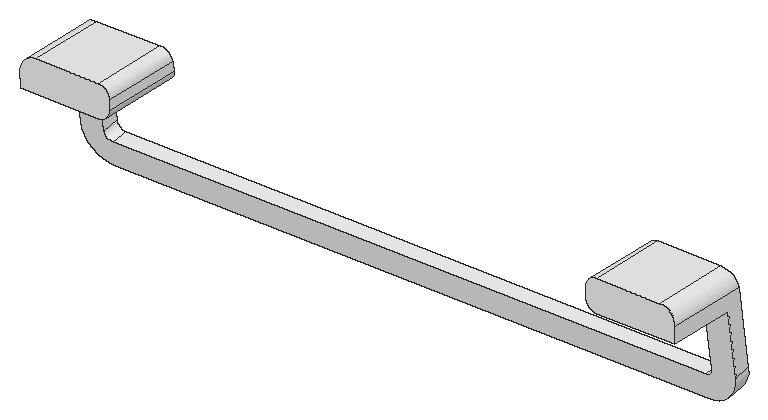
Revit family "LQ6070001_Toallero Barra", category Furniture, host Wall, Revit 2019
Family settings
  Host = Wall
  OmniClass Number = 23.31.25.25
  OmniClass Title = Towel Bars
  Always vertical = Yes
  Cut with Voids When Loaded = No
  Shared = No
  Room Calculation Point = No
Parameters (values of type "Type 1")
  Uso = "Residencial"  # constant formula
  URL = "https://corona.co/productos/accesorios/kit-de-accesorios/kit-por-6-accesorios-liquid/p/LQ6080001"
  Tecnologías = "DuraCrome"  # constant formula
  Resistencia = "Resistente a la corrosión\r\npelado y decoloración por agua\r\nResistencia al peso general hasta 9 kg\r\nResistencia al peso del toallero barra hasta 23 kg"  # constant formula
  Referencia = "LQ6070001"  # constant formula
  Profundidad = 61 mm  # constant formula
  Número de piezas = "6"  # constant formula
  Material = Corona_Cromado
  Manufacturer = "Corona"  # constant formula
  Línea = "Liquid"  # constant formula
  Garantía Acabados = "5 años en acabados"  # constant formula
  Garantía = "30 años en estructura"  # constant formula
  Fecha de creación = "13/08/2020"  # constant formula
  Description = "La línea de griferías, duchas y accesorios Liquid se inspira en la tensión superficial del agua y en cómo esta crea formas armoniosas adaptándose al ambiente. Al igual que el agua, las superficies de las griferías Liquid juegan con la luz y los reflejos que fluyen alrededor de sus formas. Sus líneas continuas y simplicidad formal proporcionan la ventaja práctica, limpieza sin esfuerzo."  # constant formula
  Creado por = "IDD"  # constant formula
  Componentes = "Percha - Toallero - Jabonera - Barra - Cepillera - Portarrollo"  # constant formula
  Colección = "Liquid"  # constant formula
  Ancho = 420 mm  # constant formula
  Altura = 900 mm
  Alto = 79.9 mm  # constant formula
Reference planes
  plane 1 "Wall": y = 0
  plane 2 "Center (Left/Right)": x = 125
  plane 3 "Back": y = 75
  plane 4: z = 900
  plane 5: x = 335
  plane 6: x = -85
  plane 7: z = 939.95
  plane 8: z = 860.05
  plane 9: y = 136
Text (mm)
  text "Placement Side" at (-1848.837, 1116.779, 0), in view "Ref. Level"
  text "Placement side" at (0, 1409.804, 2854.306), in view "Left"
  text "Placement side" at (0, 499.811, 2980.732), in view "Right"
Dimensions and locks
  locked: plane 3 "Back" to host wall
  equal spacing: plane 8, plane 4, plane 7
  "Alto": plane 8 to plane 7
  equal spacing: plane 6, plane 2 "Center (Left/Right)", plane 5
  "Ancho": plane 6 to plane 5
  "Profundidad": plane 9 to host wall
  plane 4 to plane 8 = 39.95 mm
  "Altura": plane 4 to level
  aligned and locked: plane 1 "Wall" to host wall
  aligned and locked: nested 1 to plane 7
  aligned and locked: nested 3 to plane 7
  aligned and locked: nested 3 to plane 5
  aligned and locked: nested 4 to plane 9
  aligned and locked: nested 4 to plane 5
  aligned and locked: nested 2 to plane 7
  aligned and locked: nested 2 to plane 6
Nested families
  nested 1: "Lateral" at (125, 75, 860.15) x (0, -1, 0) z (1, 0, 0), type "Lateral"
  nested 2: "Portarrollo" at (335, 105, 860.05) x (-1, 0, 0) z (0, 0, 1), type "Portarrollo"
  nested 3: "Frontal" at (335, 0, 860.15) x (-1, 0, 0) z (0, -1, 0), type "Frontal"
  nested 4: "Planta" at (-85, 75, 0), type "Planta"
Definition of nested family "Portarrollo"
  Parameters (values of type "Portarrollo")
    Profundidad = 61 mm
    Material = none
    Ancho = 420 mm
    Alto = 79.9 mm
  Reference planes
    plane 1 "Center (Front/Back)": y = 0
    plane 2: z = 0
    plane 3 "Center (Left/Right)": x = 0
    plane 4: x = 420
    plane 5: y = 30.5
    plane 6: y = -30.5
    plane 7: z = 79.9
    plane 8: x = 70.15
  Forms (mm)
    Extrusion 1, solid, material <- "Material", detail levels coarse
      sketch origin (0, 0, 0) x (1, 0, 0) y (0, 1, 0)
        loop
          line (0, 30.5) -> (0, -30.5) -> (420, -30.5) -> (420, 30.5) -> (0, 30.5)
      from 0 to 79.9
    Sweep 2, solid, material <- "Material", detail levels medium+fine
      path origin (250, -30.492, 4.34) x (0, 0.156397, 0.987694) y (-1, 0, 0)
        loop
          line (61.561, 250) -> (16.561, 250)
          arc (16.561, 250) -> (2.419, 244.142) -> (-3.439, 230) r 20
          line (-3.439, 230) -> (-3.439, -150)
          arc (-3.439, -150) -> (2.419, -164.142) -> (16.561, -170) r 20
          line (16.561, -170) -> (61.561, -170)
      profile origin (420, -24.383, 42.92) x (-1, 0, 0) y (0, -0.987694, 0.156397)
        loop
          line (15, 0) -> (0, 0) -> (0, -10.196) -> (15, -10.196) -> (15, 0)
    Extrusion 3, solid, material <- "Material", detail levels medium+fine
      sketch origin (0, 0, 0) x (1, 0, 0) y (0, 0, 1)
        loop
          arc (10, 79.9) -> (2.929, 76.971) -> (0, 69.9) r 10
          line (0, 69.9) -> (0, 59.9) -> (50.5, 59.9)
          arc (50.5, 59.9) -> (55.45, 61.95) -> (57.5, 66.9) r 7
          line (57.5, 66.9) -> (57.5, 72.9)
          arc (57.5, 72.9) -> (55.45, 77.85) -> (50.5, 79.9) r 7
          line (50.5, 79.9) -> (10, 79.9)
        loop
          line (420, 59.9) -> (420, 69.9)
          arc (420, 69.9) -> (417.071, 76.971) -> (410, 79.9) r 10
          line (410, 79.9) -> (369.5, 79.9)
          arc (369.5, 79.9) -> (364.55, 77.85) -> (362.5, 72.9) r 7
          line (362.5, 72.9) -> (362.5, 66.9)
          arc (362.5, 66.9) -> (364.55, 61.95) -> (369.5, 59.9) r 7
          line (369.5, 59.9) -> (420, 59.9)
      from -30.5 to 30.5
    Extrusion 4, void
      sketch origin (0, 0, 0) x (0, 1, 0) y (0, 0, 1)
        loop
          line (-16.619, 92.115) -> (-37.104, 92.115) -> (-37.104, 49.907) -> (-23.269, 49.907) -> (-16.619, 92.115)
      from 0 to 437.631
  Cuts and joins
    Extrusion 4 cuts Extrusion 3
    joined: Sweep 2, Extrusion 3
  Dimensions and locks
    equal spacing: plane 5, plane 1 "Center (Front/Back)", plane 6
    "Profundidad": plane 5 to plane 6
    "Ancho": plane 3 "Center (Left/Right)" to plane 4
    "Alto": plane 7 to level
    aligned and locked: level to plane 2
    aligned and locked: Extrusion 1 sketch curve to plane 5
    aligned and locked: plane 4 to Extrusion 1 sketch curve
    aligned and locked: Extrusion 1 sketch curve to plane 6
    aligned and locked: Extrusion 1 to plane 7
  Automatic sketch dimensions
    Extrusion 1 sketch curve to plane 3 "Center (Left/Right)" = 0 mm
    profile plane to Sweep 2 sketch curve = 0 mm
    Sweep 2 sketch curve to profile plane = 15 mm
    Sweep 2 sketch curve to profile plane = 10.196 mm
    Sweep 2 sketch curve to profile plane = 0 mm
    Extrusion 4 sketch curve to plane 6 = 6.604 mm
    plane 7 to Extrusion 4 sketch curve = 12.215 mm
    plane 6 to Extrusion 4 sketch curve = 13.881 mm
    plane 6 to Extrusion 4 sketch curve = 7.231 mm
    level to Extrusion 4 sketch curve = 49.907 mm
    Sweep 2 sketch curve to plane 3 "Center (Left/Right)" = 0 mm
    Sweep 2 sketch curve to plane 4 = 0 mm
    plane 3 "Center (Left/Right)" to Sweep 2 sketch curve = 20 mm
    plane 4 to Sweep 2 sketch curve = 20 mm
    Sweep 2 sketch curve to Sweep 2 sketch curve = 45 mm  (x2)
    Extrusion 3 sketch curve to plane 3 "Center (Left/Right)" = 0 mm
    Extrusion 3 sketch curve to plane 7 = 0 mm  (x2)
    plane 4 to Extrusion 3 sketch curve = 0 mm
    plane 3 "Center (Left/Right)" to Extrusion 3 sketch curve = 10 mm
    Extrusion 3 sketch curve to plane 7 = 7 mm  (x2)
    plane 8 to Extrusion 3 sketch curve = 19.65 mm
    Extrusion 3 sketch curve to Extrusion 3 sketch curve = 0 mm  (x2)
    plane 4 to Extrusion 3 sketch curve = 50.5 mm
    Extrusion 3 sketch curve to Extrusion 3 sketch curve = 10 mm
    Extrusion 3 sketch curve to Extrusion 3 sketch curve = 6 mm  (x2)
Definition of nested family "Lateral"
  Reference planes
    plane 1 "Center (Front/Back)": y = 0
    plane 2: z = 0
    plane 3 "Center (Left/Right)": x = 0
    plane 4: y = 79.8
    plane 5: x = -61.3
  Lines and regions (mm)
    detail lines, in view "Ref. Level"
      curve 1: line (-61.239, 5.374, 0) -> (-49.573, 71.536, 0)
      curve 2: line (-39.725, 79.8, 0) -> (0, 79.8, 0)
      curve 3: line (0, 79.8, 0) -> (0, 59.8, 0)
      curve 4: line (0, 59.8, 0) -> (-40.601, 59.8, 0)
      curve 5: line (-40.601, 59.8, 0) -> (-50.531, 3.486, 0)
      curve 6: line (-55.165, 0.241, 0) -> (-57.995, 0.74, 0)
      curve 7: arc (-57.995, 0.74, 0) -> (-60.577, 2.385, 0) -> (-61.239, 5.374, 0) r 4
      curve 8: arc (-50.531, 3.486, 0) -> (-52.176, 0.904, 0) -> (-55.165, 0.241, 0) r 4
      curve 9: arc (-49.573, 71.536, 0) -> (-46.153, 77.46, 0) -> (-39.725, 79.8, 0) r 10
Definition of nested family "Frontal"
  Reference planes
    plane 1 "Center (Front/Back)": y = 0
    plane 2: z = 0
    plane 3 "Center (Left/Right)": x = 0
    plane 4: x = 420
    plane 5: y = 79.8
  Lines and regions (mm)
    detail lines, in view "Ref. Level"
      curve 1: line (20, 0, 0) -> (400, 0, 0)
      curve 2: line (0, 69.8, 0) -> (0, 20, 0)
      curve 3: line (410, 79.8, 0) -> (367, 79.8, 0)
      curve 4: arc (20, 0, 0) -> (5.858, 5.858, 0) -> (0, 20, 0) r 20
      curve 5: arc (0, 69.8, 0) -> (2.929, 76.871, 0) -> (10, 79.8, 0) r 10
      curve 6: line (398, 59.8, 0) -> (367, 59.8, 0)
      curve 7: line (22, 15, 0) -> (398, 15, 0)
      curve 8: arc (22, 15, 0) -> (17.05, 17.05, 0) -> (15, 22, 0) r 7
      curve 9: line (15, 52.8, 0) -> (15, 22, 0)
      curve 10: arc (15, 52.8, 0) -> (17.05, 57.75, 0) -> (22, 59.8, 0) r 7
      curve 11: line (420, 69.8, 0) -> (420, 20, 0)
      curve 12: arc (400, 0, 0) -> (414.142, 5.858, 0) -> (420, 20, 0) r 20
      curve 13: arc (420, 69.8, 0) -> (417.071, 76.871, 0) -> (410, 79.8, 0) r 10
      curve 14: arc (398, 15, 0) -> (402.95, 17.05, 0) -> (405, 22, 0) r 7
      curve 15: line (405, 52.8, 0) -> (405, 22, 0)
      curve 16: arc (405, 52.8, 0) -> (402.95, 57.75, 0) -> (398, 59.8, 0) r 7
      curve 17: line (53, 79.8, 0) -> (10, 79.8, 0)
      curve 18: line (53, 59.8, 0) -> (22, 59.8, 0)
      curve 19: line (60, 66.8, 0) -> (60, 72.8, 0)
      curve 20: arc (60, 66.8, 0) -> (57.95, 61.85, 0) -> (53, 59.8, 0) r 7
      curve 21: arc (53, 79.8, 0) -> (57.95, 77.75, 0) -> (60, 72.8, 0) r 7
      curve 22: line (360, 66.8, 0) -> (360, 72.8, 0)
      curve 23: arc (360, 66.8, 0) -> (362.05, 61.85, 0) -> (367, 59.8, 0) r 7
      curve 24: arc (367, 79.8, 0) -> (362.05, 77.75, 0) -> (360, 72.8, 0) r 7
  Dimensions and locks
    aligned and locked: plane 1 "Center (Front/Back)" to curve 1
    aligned and locked: curve 2 to plane 3 "Center (Left/Right)"
    aligned and locked: plane 5 to curve 3
Definition of nested family "Planta"
  Reference planes
    plane 1 "Center (Front/Back)": y = 0
    plane 2: z = 0
    plane 3 "Center (Left/Right)": x = 0
    plane 4: x = 420
    plane 5: y = 61
  Lines and regions (mm)
    detail lines, in view "Ref. Level"
      curve 1: line (420, 0, 0) -> (360, 0, 0)
      curve 2: line (420, 61, 0) -> (420, 0, 0)
      curve 3: line (0, 61, 0) -> (420, 61, 0)
      curve 4: line (0, 0, 0) -> (0, 61, 0)
      curve 5: line (60, 46, 0) -> (360, 46, 0)
      curve 6: line (60, 0, 0) -> (60, 46, 0)
      curve 7: line (360, 0, 0) -> (360, 46, 0)
      curve 8: line (60, 0, 0) -> (0, 0, 0)
